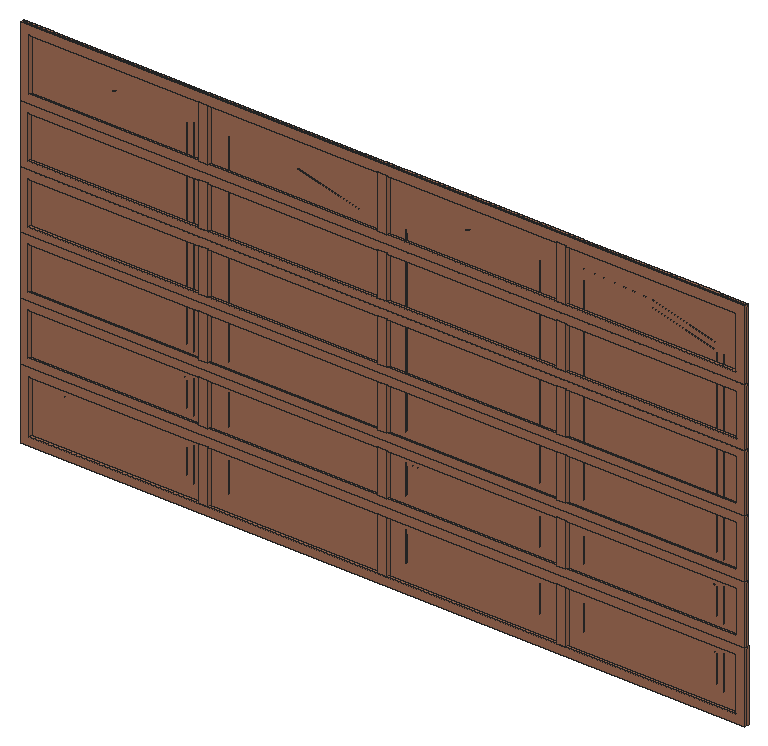
Revit family "GDBL E 8PARCHHB CRV", category Doors, host Wall, Revit 2013
Parameters
  Wall Opening [instance] = 4880 mm
  Handle Finish = none
  Function = Interior
  Frame Projection Ext. = 25 mm
  Frame Projection Int. = 25 mm
  Frame Width = 75 mm
  Height = 2535 mm
  Wall Closure = By host
  Width = 4880 mm
Reference planes
  plane 1: y = 0
  plane 2 "Center (Left/Right)": x = 0
  plane 3 "Left": x = -2440
  plane 4 "Right": x = 2440
  plane 5: z = 2535
  plane 6 "Exterior": y = 75
  plane 7 "Interior": y = -75
  plane 8 "Garage Bottom": y = 75
  plane 9 "Garage Top": z = 2090
  plane 10: z = 482
  plane 11: z = 884
  plane 12: z = 1286
  plane 13: z = 1688
  plane 14 "Front Garage": y = -75
  plane 15: z = 2570
Forms (mm)
  Sweep 1, solid, material "Garage Wood"
    path origin (0, -75, -506) x (1, 0, 0) y (0, 0, 1)
      loop
        line (-2470, 2194) -> (-2470, 1792) -> (2470, 1792) -> (2470, 2194) -> (-2470, 2194)
    profile origin (0, -75, 1688) x (0, 0, 1) y (0, -1, 0)
      loop
        line (-54, 9) -> (0, 9) -> (0, 30) -> (-54, 30) -> (-54, 9)
  Sweep 2, solid, material "Garage Wood"
    path origin (0, -75, -1658) x (1, 0, 0) y (0, 0, 1)
      loop
        line (-2470, 2140) -> (-2470, 1658) -> (2470, 1658) -> (2470, 2140) -> (-2470, 2140)
    profile origin (0, -75, 482) x (0, 0, 1) y (0, -1, 0)
      loop
        line (-60, 9) -> (0, 9) -> (0, 30) -> (-60, 30) -> (-60, 9)
  Sweep 3, solid, material "Garage Wood"
    path origin (0, -75, 430) x (1, 0, 0) y (0, 0, 1)
      loop
        line (-2470, 2140) -> (-2470, 1660) -> (2470, 1660) -> (2470, 2140) -> (-2470, 2140)
    profile origin (0, -75, 2570) x (0, 0, 1) y (0, -1, 0)
      loop
        line (-60, 9) -> (0, 9) -> (0, 30) -> (-60, 30) -> (-60, 9)
  Sweep 4, solid, material "Garage Wood"
    path origin (0, -75, -908) x (1, 0, 0) y (0, 0, 1)
      loop
        line (-2470, 2194) -> (-2470, 1792) -> (2470, 1792) -> (2470, 2194) -> (-2470, 2194)
    profile origin (0, -75, 1286) x (0, 0, 1) y (0, -1, 0)
      loop
        line (-54, 9) -> (0, 9) -> (0, 30) -> (-54, 30) -> (-54, 9)
  Sweep 5, solid, material "Garage Wood"
    path origin (0, -75, -1310) x (1, 0, 0) y (0, 0, 1)
      loop
        line (-2470, 2194) -> (-2470, 1792) -> (2470, 1792) -> (2470, 2194) -> (-2470, 2194)
    profile origin (0, -75, 884) x (0, 0, 1) y (0, -1, 0)
      loop
        line (-54, 9) -> (0, 9) -> (0, 30) -> (-54, 30) -> (-54, 9)
  Extrusion 6, solid, material "Garage Wood"
    sketch origin (2744.172, 300, 2048) x (1, 0, 0) y (0, 1, 0)
      loop
        line (-2774.172, -384) -> (-2774.172, -405) -> (-2714.172, -405) -> (-2714.172, -384) -> (-2774.172, -384)
      loop
        line (-3994.172, -384) -> (-3994.172, -405) -> (-3934.172, -405) -> (-3934.172, -384) -> (-3994.172, -384)
      loop
        line (-1494.172, -384) -> (-1554.172, -384) -> (-1554.172, -405) -> (-1494.172, -405) -> (-1494.172, -384)
    from -708 to -414
  Extrusion 7, solid, material "Garage Wood"
    sketch origin (2744.172, 300, 2984) x (1, 0, 0) y (0, 1, 0)
      loop
        line (-2774.172, -384) -> (-2774.172, -405) -> (-2714.172, -405) -> (-2714.172, -384) -> (-2774.172, -384)
      loop
        line (-3994.172, -384) -> (-3994.172, -405) -> (-3934.172, -405) -> (-3934.172, -384) -> (-3994.172, -384)
      loop
        line (-1494.172, -384) -> (-1554.172, -384) -> (-1554.172, -405) -> (-1494.172, -405) -> (-1494.172, -384)
    from -834 to -474
  Extrusion 8, solid, material "Garage Wood"
    sketch origin (2744.172, 300, 1646) x (1, 0, 0) y (0, 1, 0)
      loop
        line (-2774.172, -384) -> (-2774.172, -405) -> (-2714.172, -405) -> (-2714.172, -384) -> (-2774.172, -384)
      loop
        line (-3994.172, -384) -> (-3994.172, -405) -> (-3934.172, -405) -> (-3934.172, -384) -> (-3994.172, -384)
      loop
        line (-1494.172, -384) -> (-1554.172, -384) -> (-1554.172, -405) -> (-1494.172, -405) -> (-1494.172, -384)
    from -708 to -414
  Extrusion 9, solid, material "Garage Wood"
    sketch origin (1220, -75, 0) x (0, 0, -1) y (-1, 0, 0)
      loop
        line (-482, -1250) -> (0, -1250) -> (0, 3690) -> (-482, 3690) -> (-482, -1250)
    from 0 to -9
  Extrusion 10, solid, material "Garage Wood"
    sketch origin (1220, -75, 512) x (0, 0, -1) y (-1, 0, 0)
      loop
        line (-372, -1250) -> (30, -1250) -> (30, 3690) -> (-372, 3690) -> (-372, -1250)
    from 0 to -9
  Extrusion 11, solid, material "Garage Wood"
    sketch origin (1220, -75, 896) x (0, 0, -1) y (-1, 0, 0)
      loop
        line (-390, -1250) -> (12, -1250) -> (12, 3690) -> (-390, 3690) -> (-390, -1250)
    from 0 to -9
  Extrusion 12, solid, material "Garage Wood"
    sketch origin (1220, -75, 1280) x (0, 0, -1) y (-1, 0, 0)
      loop
        line (-408, -1250) -> (-6, -1250) -> (-6, 3690) -> (-408, 3690) -> (-408, -1250)
    from 0 to -9
  Extrusion 13, solid, material "Garage Wood"
    sketch origin (1220, -75, 2064) x (0, 0, -1) y (-1, 0, 0)
      loop
        line (-506, -1250) -> (-26, -1250) -> (-26, 3690) -> (-506, 3690) -> (-506, -1250)
    from 0 to -9
  Sweep 14, solid, material "Garage Wood"
    path origin (-0.088, -75, 412) x (0, 0, -1) y (-1, 0, 0)
      loop
        line (-382, -2270.088) -> (-170, -2270.088) -> (-170, -1345) -> (-382, -1345) -> (-382, -2270.088)
    profile origin (1807.456, -75, 794) x (0, 0, 1) y (0, 1, 0)
      loop
        line (0, 0) -> (31, 0) -> (31, 3.5)
        arc (31, 3.5) -> (29.096, 8.096) -> (24.5, 10) r 6.5
        arc (24.5, 10) -> (15.5, 14) -> (6.5, 10) r 12.125
        arc (6.5, 10) -> (1.904, 8.096) -> (0, 3.5) r 6.5
        line (0, 3.5) -> (0, 0)
  Sweep 15, solid, material "Garage Wood"
    path origin (-0.088, -75, 400) x (0, 0, -1) y (-1, 0, 0)
      loop
        line (-1690, -1345) -> (-1960, -1345)
        arc (-1960, -1345) -> (-1932.914, -1814.042) -> (-1819.969, -2270.088) r 2541.923
        line (-1819.969, -2270.088) -> (-1689.969, -2270.088)
    profile origin (2270, -75, 2154.969) x (0, 1, 0) y (-1, 0, 0)
      loop
        arc (10, -6.5) -> (8.096, -1.904) -> (3.5, 0) r 6.5
        line (3.5, 0) -> (0, 0) -> (0, -31) -> (3.5, -31)
        arc (3.5, -31) -> (8.096, -29.096) -> (10, -24.5) r 6.5
        arc (10, -24.5) -> (14, -15.5) -> (10, -6.5) r 12.125
  Sweep 16, solid, material "Garage Wood"
    path origin (-0.088, -75, 552) x (0, 0, 1) y (1, 0, 0)
      loop
        line (-382, 2270.088) -> (-382, 1345) -> (-170, 1345) -> (-170, 2270.088) -> (-382, 2270.088)
    profile origin (1807.456, -75, 170) x (0, 0, 1) y (0, 1, 0)
      loop
        line (0, 0) -> (0, 3.5)
        arc (0, 3.5) -> (-1.904, 8.096) -> (-6.5, 10) r 6.5
        arc (-6.5, 10) -> (-15.5, 14) -> (-24.5, 10) r 12.125
        arc (-24.5, 10) -> (-29.096, 8.096) -> (-31, 3.5) r 6.5
        line (-31, 3.5) -> (-31, 0) -> (0, 0)
  Sweep 17, solid, material "Garage Wood"
    path origin (1204.912, -75, 0) x (0, 0, -1) y (-1, 0, 0)
      loop
        line (-1688, -1080) -> (-1286, -1080)
    profile origin (2284.912, -75, 1487) x (0, 1, 0) y (-1, 0, 0)
      loop
        arc (10, 8.412) -> (8.096, 13.008) -> (3.5, 14.912) r 6.5
        line (3.5, 14.912) -> (0, 14.912) -> (0, -16.088) -> (3.5, -16.088)
        arc (3.5, -16.088) -> (8.096, -14.184) -> (10, -9.588) r 6.5
        arc (10, -9.588) -> (14, -0.588) -> (10, 8.412) r 12.125
      loop
        arc (10, 964.5) -> (8.096, 969.096) -> (3.5, 971) r 6.5
        line (3.5, 971) -> (0, 971) -> (0, 940) -> (3.5, 940)
        arc (3.5, 940) -> (8.096, 941.904) -> (10, 946.5) r 6.5
        arc (10, 946.5) -> (14, 955.5) -> (10, 964.5) r 12.125
  Sweep 18, solid, material "Garage Wood"
    path origin (1204.912, -75, 0) x (0, 0, -1) y (-1, 0, 0)
      loop
        line (-1286, -1065.088) -> (-974, -1065.088) -> (-974, -139.979) -> (-1286, -139.979)
    profile origin (2270, -75, 1130) x (0, 1, 0) y (-1, 0, 0)
      loop
        line (0, 0) -> (0, -31) -> (3.5, -31)
        arc (3.5, -31) -> (8.096, -29.096) -> (10, -24.5) r 6.5
        arc (10, -24.5) -> (14, -15.5) -> (10, -6.5) r 12.125
        arc (10, -6.5) -> (8.096, -1.904) -> (3.5, 0) r 6.5
        line (3.5, 0) -> (0, 0)
  Sweep 19, solid, material "Garage Wood"
    path origin (2410.088, -75, 412) x (0, 0, -1) y (-1, 0, 0)
      loop
        line (-382, 2270.088) -> (-382, 1345) -> (-170, 1345) -> (-170, 2270.088) -> (-382, 2270.088)
    profile origin (602.544, -75, 794) x (0, 0, -1) y (0, 1, 0)
      loop
        line (0, 0) -> (0, 3.5)
        arc (0, 3.5) -> (-1.904, 8.096) -> (-6.5, 10) r 6.5
        arc (-6.5, 10) -> (-15.5, 14) -> (-24.5, 10) r 12.125
        arc (-24.5, 10) -> (-29.096, 8.096) -> (-31, 3.5) r 6.5
        line (-31, 3.5) -> (-31, 0) -> (0, 0)
  Sweep 20, solid, material "Garage Wood"
    path origin (2410.088, -75, 400) x (0, 0, -1) y (-1, 0, 0)
      loop
        line (-1690, 1345) -> (-1960, 1345)
        arc (-1960, 1345) -> (-1932.914, 1814.042) -> (-1819.969, 2270.088) r 2541.923
        line (-1819.969, 2270.088) -> (-1690, 2270.088)
    profile origin (140, -75, 2154.985) x (0, 1, 0) y (-1, 0, 0)
      loop
        arc (10, 6.5) -> (14, 15.5) -> (10, 24.5) r 12.125
        arc (10, 24.5) -> (8.096, 29.096) -> (3.5, 31) r 6.5
        line (3.5, 31) -> (0, 31) -> (0, 0) -> (3.5, 0)
        arc (3.5, 0) -> (8.096, 1.904) -> (10, 6.5) r 6.5
  Sweep 21, solid, material "Garage Wood"
    path origin (2410.088, -75, 552) x (0, 0, 1) y (1, 0, 0)
      loop
        line (-382, -2270.088) -> (-170, -2270.088) -> (-170, -1345) -> (-382, -1345) -> (-382, -2270.088)
    profile origin (602.544, -75, 170) x (0, 0, -1) y (0, 1, 0)
      loop
        line (0, 0) -> (31, 0) -> (31, 3.5)
        arc (31, 3.5) -> (29.096, 8.096) -> (24.5, 10) r 6.5
        arc (24.5, 10) -> (15.5, 14) -> (6.5, 10) r 12.125
        arc (6.5, 10) -> (1.904, 8.096) -> (0, 3.5) r 6.5
        line (0, 3.5) -> (0, 0)
  Sweep 22, solid, material "Garage Wood"
    path origin (1205.088, -75, 0) x (0, 0, -1) y (-1, 0, 0)
      loop
        line (-1688, 1080) -> (-1286, 1080)
    profile origin (125.088, -75, 1487) x (0, 1, 0) y (-1, 0, 0)
      loop
        arc (10, -8.412) -> (14, 0.588) -> (10, 9.588) r 12.125
        arc (10, 9.588) -> (8.096, 14.184) -> (3.5, 16.088) r 6.5
        line (3.5, 16.088) -> (0, 16.088) -> (0, -14.912) -> (3.5, -14.912)
        arc (3.5, -14.912) -> (8.096, -13.008) -> (10, -8.412) r 6.5
      loop
        arc (10, -964.5) -> (14, -955.5) -> (10, -946.5) r 12.125
        arc (10, -946.5) -> (8.096, -941.904) -> (3.5, -940) r 6.5
        line (3.5, -940) -> (0, -940) -> (0, -971) -> (3.5, -971)
        arc (3.5, -971) -> (8.096, -969.096) -> (10, -964.5) r 6.5
  Sweep 23, solid, material "Garage Wood"
    path origin (1205.088, -75, 0) x (0, 0, -1) y (-1, 0, 0)
      loop
        line (-1286, 1065.088) -> (-974, 1065.088) -> (-974, 139.979) -> (-1286, 139.979)
    profile origin (140, -75, 1130) x (0, 1, 0) y (-1, 0, 0)
      loop
        line (0, 0) -> (3.5, 0)
        arc (3.5, 0) -> (8.096, 1.904) -> (10, 6.5) r 6.5
        arc (10, 6.5) -> (14, 15.5) -> (10, 24.5) r 12.125
        arc (10, 24.5) -> (8.096, 29.096) -> (3.5, 31) r 6.5
        line (3.5, 31) -> (0, 31) -> (0, 0)
  Sweep 24, solid, material "Garage Wood"
    path origin (0.088, -75, 412) x (0, 0, -1) y (-1, 0, 0)
      loop
        line (-382, 2270.088) -> (-382, 1345) -> (-170, 1345) -> (-170, 2270.088) -> (-382, 2270.088)
    profile origin (-1807.456, -75, 794) x (0, 0, -1) y (0, 1, 0)
      loop
        line (0, 0) -> (0, 3.5)
        arc (0, 3.5) -> (-1.904, 8.096) -> (-6.5, 10) r 6.5
        arc (-6.5, 10) -> (-15.5, 14) -> (-24.5, 10) r 12.125
        arc (-24.5, 10) -> (-29.096, 8.096) -> (-31, 3.5) r 6.5
        line (-31, 3.5) -> (-31, 0) -> (0, 0)
  Sweep 25, solid, material "Garage Wood"
    path origin (0.088, -75, 400) x (0, 0, -1) y (-1, 0, 0)
      loop
        line (-1690, 1345) -> (-1960, 1345)
        arc (-1960, 1345) -> (-1932.914, 1814.042) -> (-1819.969, 2270.088) r 2541.923
        line (-1819.969, 2270.088) -> (-1690, 2270.088)
    profile origin (-2270, -75, 2154.985) x (0, 1, 0) y (-1, 0, 0)
      loop
        arc (10, 6.5) -> (14, 15.5) -> (10, 24.5) r 12.125
        arc (10, 24.5) -> (8.096, 29.096) -> (3.5, 31) r 6.5
        line (3.5, 31) -> (0, 31) -> (0, 0) -> (3.5, 0)
        arc (3.5, 0) -> (8.096, 1.904) -> (10, 6.5) r 6.5
  Sweep 26, solid, material "Garage Wood"
    path origin (0.088, -75, 552) x (0, 0, 1) y (1, 0, 0)
      loop
        line (-382, -2270.088) -> (-170, -2270.088) -> (-170, -1345) -> (-382, -1345) -> (-382, -2270.088)
    profile origin (-1807.456, -75, 170) x (0, 0, -1) y (0, 1, 0)
      loop
        line (0, 0) -> (31, 0) -> (31, 3.5)
        arc (31, 3.5) -> (29.096, 8.096) -> (24.5, 10) r 6.5
        arc (24.5, 10) -> (15.5, 14) -> (6.5, 10) r 12.125
        arc (6.5, 10) -> (1.904, 8.096) -> (0, 3.5) r 6.5
        line (0, 3.5) -> (0, 0)
  Sweep 27, solid, material "Garage Wood"
    path origin (-1204.912, -75, 0) x (0, 0, -1) y (-1, 0, 0)
      loop
        line (-1688, 1080) -> (-1286, 1080)
    profile origin (-2284.912, -75, 1487) x (0, 1, 0) y (-1, 0, 0)
      loop
        arc (10, -8.412) -> (14, 0.588) -> (10, 9.588) r 12.125
        arc (10, 9.588) -> (8.096, 14.184) -> (3.5, 16.088) r 6.5
        line (3.5, 16.088) -> (0, 16.088) -> (0, -14.912) -> (3.5, -14.912)
        arc (3.5, -14.912) -> (8.096, -13.008) -> (10, -8.412) r 6.5
      loop
        arc (10, -964.5) -> (14, -955.5) -> (10, -946.5) r 12.125
        arc (10, -946.5) -> (8.096, -941.904) -> (3.5, -940) r 6.5
        line (3.5, -940) -> (0, -940) -> (0, -971) -> (3.5, -971)
        arc (3.5, -971) -> (8.096, -969.096) -> (10, -964.5) r 6.5
  Sweep 28, solid, material "Garage Wood"
    path origin (-1204.912, -75, 0) x (0, 0, -1) y (-1, 0, 0)
      loop
        line (-1286, 1065.088) -> (-974, 1065.088) -> (-974, 139.979) -> (-1286, 139.979)
    profile origin (-2270, -75, 1130) x (0, 1, 0) y (-1, 0, 0)
      loop
        line (0, 0) -> (3.5, 0)
        arc (3.5, 0) -> (8.096, 1.904) -> (10, 6.5) r 6.5
        arc (10, 6.5) -> (14, 15.5) -> (10, 24.5) r 12.125
        arc (10, 24.5) -> (8.096, 29.096) -> (3.5, 31) r 6.5
        line (3.5, 31) -> (0, 31) -> (0, 0)
  Sweep 29, solid, material "Garage Wood"
    path origin (-2410.088, -75, 412) x (0, 0, -1) y (-1, 0, 0)
      loop
        line (-382, -2270.088) -> (-170, -2270.088) -> (-170, -1345) -> (-382, -1345) -> (-382, -2270.088)
    profile origin (-602.544, -75, 794) x (0, 0, 1) y (0, 1, 0)
      loop
        line (0, 0) -> (31, 0) -> (31, 3.5)
        arc (31, 3.5) -> (29.096, 8.096) -> (24.5, 10) r 6.5
        arc (24.5, 10) -> (15.5, 14) -> (6.5, 10) r 12.125
        arc (6.5, 10) -> (1.904, 8.096) -> (0, 3.5) r 6.5
        line (0, 3.5) -> (0, 0)
  Sweep 30, solid, material "Garage Wood"
    path origin (-2410.088, -75, 400) x (0, 0, -1) y (-1, 0, 0)
      loop
        line (-1690, -1345) -> (-1960, -1345)
        arc (-1960, -1345) -> (-1932.914, -1814.042) -> (-1819.969, -2270.088) r 2541.923
        line (-1819.969, -2270.088) -> (-1690, -2270.088)
    profile origin (-140, -75, 2154.985) x (0, 1, 0) y (-1, 0, 0)
      loop
        arc (10, -6.5) -> (8.096, -1.904) -> (3.5, 0) r 6.5
        line (3.5, 0) -> (0, 0) -> (0, -31) -> (3.5, -31)
        arc (3.5, -31) -> (8.096, -29.096) -> (10, -24.5) r 6.5
        arc (10, -24.5) -> (14, -15.5) -> (10, -6.5) r 12.125
  Sweep 31, solid, material "Garage Wood"
    path origin (-2410.088, -75, 552) x (0, 0, 1) y (1, 0, 0)
      loop
        line (-382, 2270.088) -> (-382, 1345) -> (-170, 1345) -> (-170, 2270.088) -> (-382, 2270.088)
    profile origin (-602.544, -75, 170) x (0, 0, 1) y (0, 1, 0)
      loop
        line (0, 0) -> (0, 3.5)
        arc (0, 3.5) -> (-1.904, 8.096) -> (-6.5, 10) r 6.5
        arc (-6.5, 10) -> (-15.5, 14) -> (-24.5, 10) r 12.125
        arc (-24.5, 10) -> (-29.096, 8.096) -> (-31, 3.5) r 6.5
        line (-31, 3.5) -> (-31, 0) -> (0, 0)
  Sweep 32, solid, material "Garage Wood"
    path origin (-1205.088, -75, 0) x (0, 0, -1) y (-1, 0, 0)
      loop
        line (-1688, -1080) -> (-1286, -1080)
    profile origin (-125.088, -75, 1487) x (0, 1, 0) y (-1, 0, 0)
      loop
        arc (10, 8.412) -> (8.096, 13.008) -> (3.5, 14.912) r 6.5
        line (3.5, 14.912) -> (0, 14.912) -> (0, -16.088) -> (3.5, -16.088)
        arc (3.5, -16.088) -> (8.096, -14.184) -> (10, -9.588) r 6.5
        arc (10, -9.588) -> (14, -0.588) -> (10, 8.412) r 12.125
      loop
        arc (10, 964.5) -> (8.096, 969.096) -> (3.5, 971) r 6.5
        line (3.5, 971) -> (0, 971) -> (0, 940) -> (3.5, 940)
        arc (3.5, 940) -> (8.096, 941.904) -> (10, 946.5) r 6.5
        arc (10, 946.5) -> (14, 955.5) -> (10, 964.5) r 12.125
  Sweep 33, solid, material "Garage Wood"
    path origin (-1205.088, -75, 0) x (0, 0, -1) y (-1, 0, 0)
      loop
        line (-1286, -1065.088) -> (-974, -1065.088) -> (-974, -139.979) -> (-1286, -139.979)
    profile origin (-140, -75, 1130) x (0, 1, 0) y (-1, 0, 0)
      loop
        line (0, 0) -> (0, -31) -> (3.5, -31)
        arc (3.5, -31) -> (8.096, -29.096) -> (10, -24.5) r 6.5
        arc (10, -24.5) -> (14, -15.5) -> (10, -6.5) r 12.125
        arc (10, -6.5) -> (8.096, -1.904) -> (3.5, 0) r 6.5
        line (3.5, 0) -> (0, 0)
  Sweep 34, solid, material "Garage Wood"
    path origin (0, -75, -104) x (1, 0, 0) y (0, 0, 1)
      loop
        line (-2470, 2194) -> (-2470, 1792) -> (2470, 1792) -> (2470, 2194) -> (-2470, 2194)
    profile origin (0, -75, 2090) x (0, 0, 1) y (0, -1, 0)
      loop
        line (-54, 9) -> (0, 9) -> (0, 30) -> (-54, 30) -> (-54, 9)
  Extrusion 35, solid, material "Garage Wood"
    sketch origin (2744.172, 300, 2450) x (1, 0, 0) y (0, 1, 0)
      loop
        line (-2774.172, -384) -> (-2774.172, -405) -> (-2714.172, -405) -> (-2714.172, -384) -> (-2774.172, -384)
      loop
        line (-3994.172, -384) -> (-3994.172, -405) -> (-3934.172, -405) -> (-3934.172, -384) -> (-3994.172, -384)
      loop
        line (-1494.172, -384) -> (-1554.172, -384) -> (-1554.172, -405) -> (-1494.172, -405) -> (-1494.172, -384)
    from -708 to -414
  Extrusion 36, solid, material "Garage Wood"
    sketch origin (1220, -75, 1682) x (0, 0, -1) y (-1, 0, 0)
      loop
        line (-408, -1250) -> (-6, -1250) -> (-6, 3690) -> (-408, 3690) -> (-408, -1250)
    from 0 to -9
  Sweep 37, solid, material "Garage Wood"
    path origin (1204.912, -75, 402) x (0, 0, -1) y (-1, 0, 0)
      loop
        line (-1688, -1080) -> (-1286, -1080)
    profile origin (2284.912, -75, 1889) x (0, 1, 0) y (-1, 0, 0)
      loop
        arc (10, 8.412) -> (8.096, 13.008) -> (3.5, 14.912) r 6.5
        line (3.5, 14.912) -> (0, 14.912) -> (0, -16.088) -> (3.5, -16.088)
        arc (3.5, -16.088) -> (8.096, -14.184) -> (10, -9.588) r 6.5
        arc (10, -9.588) -> (14, -0.588) -> (10, 8.412) r 12.125
      loop
        arc (10, 964.5) -> (8.096, 969.096) -> (3.5, 971) r 6.5
        line (3.5, 971) -> (0, 971) -> (0, 940) -> (3.5, 940)
        arc (3.5, 940) -> (8.096, 941.904) -> (10, 946.5) r 6.5
        arc (10, 946.5) -> (14, 955.5) -> (10, 964.5) r 12.125
  Sweep 38, solid, material "Garage Wood"
    path origin (1205.088, -75, 402) x (0, 0, -1) y (-1, 0, 0)
      loop
        line (-1688, 1080) -> (-1286, 1080)
    profile origin (125.088, -75, 1889) x (0, 1, 0) y (-1, 0, 0)
      loop
        arc (10, -8.412) -> (14, 0.588) -> (10, 9.588) r 12.125
        arc (10, 9.588) -> (8.096, 14.184) -> (3.5, 16.088) r 6.5
        line (3.5, 16.088) -> (0, 16.088) -> (0, -14.912) -> (3.5, -14.912)
        arc (3.5, -14.912) -> (8.096, -13.008) -> (10, -8.412) r 6.5
      loop
        arc (10, -964.5) -> (14, -955.5) -> (10, -946.5) r 12.125
        arc (10, -946.5) -> (8.096, -941.904) -> (3.5, -940) r 6.5
        line (3.5, -940) -> (0, -940) -> (0, -971) -> (3.5, -971)
        arc (3.5, -971) -> (8.096, -969.096) -> (10, -964.5) r 6.5
  Sweep 39, solid, material "Garage Wood"
    path origin (-1204.912, -75, 402) x (0, 0, -1) y (-1, 0, 0)
      loop
        line (-1688, 1080) -> (-1286, 1080)
    profile origin (-2284.912, -75, 1889) x (0, 1, 0) y (-1, 0, 0)
      loop
        arc (10, -8.412) -> (14, 0.588) -> (10, 9.588) r 12.125
        arc (10, 9.588) -> (8.096, 14.184) -> (3.5, 16.088) r 6.5
        line (3.5, 16.088) -> (0, 16.088) -> (0, -14.912) -> (3.5, -14.912)
        arc (3.5, -14.912) -> (8.096, -13.008) -> (10, -8.412) r 6.5
      loop
        arc (10, -964.5) -> (14, -955.5) -> (10, -946.5) r 12.125
        arc (10, -946.5) -> (8.096, -941.904) -> (3.5, -940) r 6.5
        line (3.5, -940) -> (0, -940) -> (0, -971) -> (3.5, -971)
        arc (3.5, -971) -> (8.096, -969.096) -> (10, -964.5) r 6.5
  Sweep 40, solid, material "Garage Wood"
    path origin (-1205.088, -75, 402) x (0, 0, -1) y (-1, 0, 0)
      loop
        line (-1688, -1080) -> (-1286, -1080)
    profile origin (-125.088, -75, 1889) x (0, 1, 0) y (-1, 0, 0)
      loop
        arc (10, 8.412) -> (8.096, 13.008) -> (3.5, 14.912) r 6.5
        line (3.5, 14.912) -> (0, 14.912) -> (0, -16.088) -> (3.5, -16.088)
        arc (3.5, -16.088) -> (8.096, -14.184) -> (10, -9.588) r 6.5
        arc (10, -9.588) -> (14, -0.588) -> (10, 8.412) r 12.125
      loop
        arc (10, 964.5) -> (8.096, 969.096) -> (3.5, 971) r 6.5
        line (3.5, 971) -> (0, 971) -> (0, 940) -> (3.5, 940)
        arc (3.5, 940) -> (8.096, 941.904) -> (10, 946.5) r 6.5
        arc (10, 946.5) -> (14, 955.5) -> (10, 964.5) r 12.125
  Sweep 41, void
    path origin (0, -75, 0) x (0, 0, -1) y (-1, 0, 0)
      loop
        line (-974.013, -2269.892) -> (-974.013, -1344.891) -> (-2360, -1344.891)
        arc (-2360, -1344.891) -> (-2332.921, -1813.888) -> (-2219.999, -2269.892) r 2541.923
        line (-2219.999, -2269.892) -> (-974.013, -2269.892)
    profile origin (2269.892, -75, 1597.006) x (1, 0, 0) y (0, 1, 0)
      loop
        line (0.021, 0) -> (-9.979, 0) -> (-9.979, -5) -> (0.021, -5) -> (0.021, 0)
  Sweep 42, void
    path origin (0, -75, 0) x (0, 0, -1) y (-1, 0, 0)
      loop
        line (-382, -2270) -> (-170, -2270) -> (-170, -1344.912) -> (-382, -1344.912) -> (-382, -2270)
    profile origin (1807.456, -75, 382) x (0, 0, 1) y (0, 1, 0)
      loop
        line (0, -0.004) -> (-12.507, -0.004)
        arc (-12.507, -0.004) -> (-11.772, -1.777) -> (-10, -2.511) r 2.507
        line (-10, -2.511) -> (-10, -5.011) -> (0, -5.011) -> (0, -0.004)
  Sweep 43, void
    path origin (0, -75, 0) x (0, 0, -1) y (-1, 0, 0)
      loop
        line (-794, -2270) -> (-582, -2270) -> (-582, -1344.912) -> (-794, -1344.912) -> (-794, -2270)
    profile origin (1807.456, -75, 794) x (0, 0, 1) y (0, 1, 0)
      loop
        line (0, -0.015) -> (-12.507, -0.015)
        arc (-12.507, -0.015) -> (-11.769, -1.78) -> (-10, -2.511) r 2.507
        line (-10, -2.511) -> (-10, -5.011) -> (0, -5.011) -> (0, -0.015)
  Sweep 44, void
    path origin (2410, -75, 0) x (0, 0, -1) y (1, 0, 0)
      loop
        line (-974.013, -2269.892) -> (-974.013, -1344.891) -> (-2360, -1344.891)
        arc (-2360, -1344.891) -> (-2332.921, -1813.888) -> (-2219.999, -2269.892) r 2541.923
        line (-2219.999, -2269.892) -> (-974.013, -2269.892)
    profile origin (140.108, -75, 1597.006) x (1, 0, 0) y (0, 1, 0)
      loop
        line (-0.021, 0) -> (-0.021, -5) -> (9.979, -5) -> (9.979, 0) -> (-0.021, 0)
  Sweep 45, void
    path origin (2410, -75, 0) x (0, 0, -1) y (1, 0, 0)
      loop
        line (-382, -2270) -> (-170, -2270) -> (-170, -1344.912) -> (-382, -1344.912) -> (-382, -2270)
    profile origin (602.544, -75, 382) x (0, 0, -1) y (0, 1, 0)
      loop
        line (0, -0.004) -> (0, -5.011) -> (10, -5.011) -> (10, -2.511)
        arc (10, -2.511) -> (11.772, -1.777) -> (12.507, -0.004) r 2.507
        line (12.507, -0.004) -> (0, -0.004)
  Sweep 46, void
    path origin (2410, -75, 0) x (0, 0, -1) y (1, 0, 0)
      loop
        line (-794, -2270) -> (-582, -2270) -> (-582, -1344.912) -> (-794, -1344.912) -> (-794, -2270)
    profile origin (602.544, -75, 794) x (0, 0, -1) y (0, 1, 0)
      loop
        line (0, -0.015) -> (0, -5.011) -> (10, -5.011) -> (10, -2.511)
        arc (10, -2.511) -> (11.769, -1.78) -> (12.507, -0.015) r 2.507
        line (12.507, -0.015) -> (0, -0.015)
  Sweep 47, void
    path origin (0, -75, 0) x (0, 0, -1) y (1, 0, 0)
      loop
        line (-974.013, -2269.892) -> (-974.013, -1344.891) -> (-2360, -1344.891)
        arc (-2360, -1344.891) -> (-2332.921, -1813.888) -> (-2219.999, -2269.892) r 2541.923
        line (-2219.999, -2269.892) -> (-974.013, -2269.892)
    profile origin (-2269.892, -75, 1597.006) x (1, 0, 0) y (0, 1, 0)
      loop
        line (-0.021, 0) -> (-0.021, -5) -> (9.979, -5) -> (9.979, 0) -> (-0.021, 0)
  Sweep 48, void
    path origin (0, -75, 0) x (0, 0, -1) y (1, 0, 0)
      loop
        line (-382, -2270) -> (-170, -2270) -> (-170, -1344.912) -> (-382, -1344.912) -> (-382, -2270)
    profile origin (-1807.456, -75, 382) x (0, 0, -1) y (0, 1, 0)
      loop
        line (0, -0.004) -> (0, -5.011) -> (10, -5.011) -> (10, -2.511)
        arc (10, -2.511) -> (11.772, -1.777) -> (12.507, -0.004) r 2.507
        line (12.507, -0.004) -> (0, -0.004)
  Sweep 49, void
    path origin (0, -75, 0) x (0, 0, -1) y (1, 0, 0)
      loop
        line (-794, -2270) -> (-582, -2270) -> (-582, -1344.912) -> (-794, -1344.912) -> (-794, -2270)
    profile origin (-1807.456, -75, 794) x (0, 0, -1) y (0, 1, 0)
      loop
        line (0, -0.015) -> (0, -5.011) -> (10, -5.011) -> (10, -2.511)
        arc (10, -2.511) -> (11.769, -1.78) -> (12.507, -0.015) r 2.507
        line (12.507, -0.015) -> (0, -0.015)
  Sweep 50, void
    path origin (-2410, -75, 0) x (0, 0, -1) y (-1, 0, 0)
      loop
        line (-974.013, -2269.892) -> (-974.013, -1344.891) -> (-2360, -1344.891)
        arc (-2360, -1344.891) -> (-2332.921, -1813.888) -> (-2219.999, -2269.892) r 2541.923
        line (-2219.999, -2269.892) -> (-974.013, -2269.892)
    profile origin (-140.108, -75, 1597.006) x (1, 0, 0) y (0, 1, 0)
      loop
        line (0.021, 0) -> (-9.979, 0) -> (-9.979, -5) -> (0.021, -5) -> (0.021, 0)
  Sweep 51, void
    path origin (-2410, -75, 0) x (0, 0, -1) y (-1, 0, 0)
      loop
        line (-382, -2270) -> (-170, -2270) -> (-170, -1344.912) -> (-382, -1344.912) -> (-382, -2270)
    profile origin (-602.544, -75, 382) x (0, 0, 1) y (0, 1, 0)
      loop
        line (0, -0.004) -> (-12.507, -0.004)
        arc (-12.507, -0.004) -> (-11.772, -1.777) -> (-10, -2.511) r 2.507
        line (-10, -2.511) -> (-10, -5.011) -> (0, -5.011) -> (0, -0.004)
  Sweep 52, void
    path origin (-2410, -75, 0) x (0, 0, -1) y (-1, 0, 0)
      loop
        line (-794, -2270) -> (-582, -2270) -> (-582, -1344.912) -> (-794, -1344.912) -> (-794, -2270)
    profile origin (-602.544, -75, 794) x (0, 0, 1) y (0, 1, 0)
      loop
        line (0, -0.015) -> (-12.507, -0.015)
        arc (-12.507, -0.015) -> (-11.769, -1.78) -> (-10, -2.511) r 2.507
        line (-10, -2.511) -> (-10, -5.011) -> (0, -5.011) -> (0, -0.015)
  Extrusion 53, void
    sketch origin (3305.101, 300, 2090) x (1, 0, 0) y (0, 1, 0)
      loop
        line (-1032.601, -375) -> (-1037.601, -375) -> (-1035.101, -377.187) -> (-1032.601, -375)
      loop
        line (-1957.601, -375) -> (-1962.601, -375) -> (-1960.189, -377.11) -> (-1957.601, -375)
      loop
        line (-2097.601, -375) -> (-2102.601, -375) -> (-2100.101, -377.187) -> (-2097.601, -375)
      loop
        line (-3167.601, -375) -> (-3165.101, -377.187) -> (-3162.601, -375) -> (-3167.601, -375)
      loop
        line (-2242.601, -375) -> (-2240.013, -377.11) -> (-2237.601, -375) -> (-2242.601, -375)
      loop
        line (-3307.601, -375) -> (-3305.101, -377.187) -> (-3302.601, -375) -> (-3307.601, -375)
      loop
        line (-5577.601, -375) -> (-5575.101, -377.187) -> (-5572.601, -375) -> (-5577.601, -375)
      loop
        line (-4652.601, -375) -> (-4650.013, -377.11) -> (-4647.601, -375) -> (-4652.601, -375)
      loop
        line (-4512.601, -375) -> (-4510.101, -377.187) -> (-4507.601, -375) -> (-4512.601, -375)
      loop
        line (-3442.601, -375) -> (-3447.601, -375) -> (-3445.101, -377.187) -> (-3442.601, -375)
      loop
        line (-4367.601, -375) -> (-4372.601, -375) -> (-4370.189, -377.11) -> (-4367.601, -375)
    from 0 to 480
  Extrusion 54, void
    sketch origin (2744.172, 300, 1286) x (0, 1, 0) y (1, 0, 0)
      loop
        line (-375, -567.559) -> (-378.5, -571.559) -> (-375, -575.559) -> (-375, -567.559)
      loop
        line (-375, -658.859) -> (-378.5, -662.859) -> (-375, -666.859) -> (-375, -658.859)
      loop
        line (-375, -750.159) -> (-378.5, -754.159) -> (-375, -758.159) -> (-375, -750.159)
      loop
        line (-375, -841.459) -> (-378.5, -845.459) -> (-375, -849.459) -> (-375, -841.459)
      loop
        line (-375, -932.759) -> (-378.5, -936.759) -> (-375, -940.759) -> (-375, -932.759)
      loop
        line (-375, -1024.059) -> (-378.5, -1028.059) -> (-375, -1032.059) -> (-375, -1024.059)
      loop
        line (-375, -1115.359) -> (-378.5, -1119.359) -> (-375, -1123.359) -> (-375, -1115.359)
      loop
        line (-375, -1206.659) -> (-378.5, -1210.659) -> (-375, -1214.659) -> (-375, -1206.659)
      loop
        line (-375, -1297.959) -> (-378.5, -1301.959) -> (-375, -1305.959) -> (-375, -1297.959)
      loop
        line (-375, -2510.786) -> (-375, -2502.786) -> (-378.5, -2506.786) -> (-375, -2510.786)
      loop
        line (-375, -2419.486) -> (-375, -2411.486) -> (-378.5, -2415.486) -> (-375, -2419.486)
      loop
        line (-375, -2328.186) -> (-375, -2320.186) -> (-378.5, -2324.186) -> (-375, -2328.186)
      loop
        line (-375, -2236.886) -> (-375, -2228.886) -> (-378.5, -2232.886) -> (-375, -2236.886)
      loop
        line (-375, -2145.586) -> (-375, -2137.586) -> (-378.5, -2141.586) -> (-375, -2145.586)
      loop
        line (-375, -2054.286) -> (-375, -2046.286) -> (-378.5, -2050.286) -> (-375, -2054.286)
      loop
        line (-375, -1962.986) -> (-375, -1954.986) -> (-378.5, -1958.986) -> (-375, -1962.986)
      loop
        line (-375, -1871.686) -> (-375, -1863.686) -> (-378.5, -1867.686) -> (-375, -1871.686)
      loop
        line (-375, -1780.386) -> (-375, -1772.386) -> (-378.5, -1776.386) -> (-375, -1780.386)
      loop
        line (-375, -4920.786) -> (-375, -4912.786) -> (-378.5, -4916.786) -> (-375, -4920.786)
      loop
        line (-375, -4829.486) -> (-375, -4821.486) -> (-378.5, -4825.486) -> (-375, -4829.486)
      loop
        line (-375, -4738.186) -> (-375, -4730.186) -> (-378.5, -4734.186) -> (-375, -4738.186)
      loop
        line (-375, -4646.886) -> (-375, -4638.886) -> (-378.5, -4642.886) -> (-375, -4646.886)
      loop
        line (-375, -4555.586) -> (-375, -4547.586) -> (-378.5, -4551.586) -> (-375, -4555.586)
      loop
        line (-375, -4464.286) -> (-375, -4456.286) -> (-378.5, -4460.286) -> (-375, -4464.286)
      loop
        line (-375, -4372.986) -> (-375, -4364.986) -> (-378.5, -4368.986) -> (-375, -4372.986)
      loop
        line (-375, -4281.686) -> (-375, -4273.686) -> (-378.5, -4277.686) -> (-375, -4281.686)
      loop
        line (-375, -4190.386) -> (-375, -4182.386) -> (-378.5, -4186.386) -> (-375, -4190.386)
      loop
        line (-375, -2977.559) -> (-378.5, -2981.559) -> (-375, -2985.559) -> (-375, -2977.559)
      loop
        line (-375, -3068.859) -> (-378.5, -3072.859) -> (-375, -3076.859) -> (-375, -3068.859)
      loop
        line (-375, -3160.159) -> (-378.5, -3164.159) -> (-375, -3168.159) -> (-375, -3160.159)
      loop
        line (-375, -3251.459) -> (-378.5, -3255.459) -> (-375, -3259.459) -> (-375, -3251.459)
      loop
        line (-375, -3342.759) -> (-378.5, -3346.759) -> (-375, -3350.759) -> (-375, -3342.759)
      loop
        line (-375, -3434.059) -> (-378.5, -3438.059) -> (-375, -3442.059) -> (-375, -3434.059)
      loop
        line (-375, -3525.359) -> (-378.5, -3529.359) -> (-375, -3533.359) -> (-375, -3525.359)
      loop
        line (-375, -3616.659) -> (-378.5, -3620.659) -> (-375, -3624.659) -> (-375, -3616.659)
      loop
        line (-375, -3707.959) -> (-378.5, -3711.959) -> (-375, -3715.959) -> (-375, -3707.959)
    from 0 to 302.008
  Extrusion 55, void
    sketch origin (2744.172, 300, 1688) x (0, 1, 0) y (1, 0, 0)
      loop
        line (-375, -567.559) -> (-378.5, -571.559) -> (-375, -575.559) -> (-375, -567.559)
      loop
        line (-375, -658.859) -> (-378.5, -662.859) -> (-375, -666.859) -> (-375, -658.859)
      loop
        line (-375, -750.159) -> (-378.5, -754.159) -> (-375, -758.159) -> (-375, -750.159)
      loop
        line (-375, -841.459) -> (-378.5, -845.459) -> (-375, -849.459) -> (-375, -841.459)
      loop
        line (-375, -932.759) -> (-378.5, -936.759) -> (-375, -940.759) -> (-375, -932.759)
      loop
        line (-375, -1024.059) -> (-378.5, -1028.059) -> (-375, -1032.059) -> (-375, -1024.059)
      loop
        line (-375, -1115.359) -> (-378.5, -1119.359) -> (-375, -1123.359) -> (-375, -1115.359)
      loop
        line (-375, -1206.659) -> (-378.5, -1210.659) -> (-375, -1214.659) -> (-375, -1206.659)
      loop
        line (-375, -1297.959) -> (-378.5, -1301.959) -> (-375, -1305.959) -> (-375, -1297.959)
      loop
        line (-375, -2510.786) -> (-375, -2502.786) -> (-378.5, -2506.786) -> (-375, -2510.786)
      loop
        line (-375, -2419.486) -> (-375, -2411.486) -> (-378.5, -2415.486) -> (-375, -2419.486)
      loop
        line (-375, -2328.186) -> (-375, -2320.186) -> (-378.5, -2324.186) -> (-375, -2328.186)
      loop
        line (-375, -2236.886) -> (-375, -2228.886) -> (-378.5, -2232.886) -> (-375, -2236.886)
      loop
        line (-375, -2145.586) -> (-375, -2137.586) -> (-378.5, -2141.586) -> (-375, -2145.586)
      loop
        line (-375, -2054.286) -> (-375, -2046.286) -> (-378.5, -2050.286) -> (-375, -2054.286)
      loop
        line (-375, -1962.986) -> (-375, -1954.986) -> (-378.5, -1958.986) -> (-375, -1962.986)
      loop
        line (-375, -1871.686) -> (-375, -1863.686) -> (-378.5, -1867.686) -> (-375, -1871.686)
      loop
        line (-375, -1780.386) -> (-375, -1772.386) -> (-378.5, -1776.386) -> (-375, -1780.386)
      loop
        line (-375, -4920.786) -> (-375, -4912.786) -> (-378.5, -4916.786) -> (-375, -4920.786)
      loop
        line (-375, -4829.486) -> (-375, -4821.486) -> (-378.5, -4825.486) -> (-375, -4829.486)
      loop
        line (-375, -4738.186) -> (-375, -4730.186) -> (-378.5, -4734.186) -> (-375, -4738.186)
      loop
        line (-375, -4646.886) -> (-375, -4638.886) -> (-378.5, -4642.886) -> (-375, -4646.886)
      loop
        line (-375, -4555.586) -> (-375, -4547.586) -> (-378.5, -4551.586) -> (-375, -4555.586)
      loop
        line (-375, -4464.286) -> (-375, -4456.286) -> (-378.5, -4460.286) -> (-375, -4464.286)
      loop
        line (-375, -4372.986) -> (-375, -4364.986) -> (-378.5, -4368.986) -> (-375, -4372.986)
      loop
        line (-375, -4281.686) -> (-375, -4273.686) -> (-378.5, -4277.686) -> (-375, -4281.686)
      loop
        line (-375, -4190.386) -> (-375, -4182.386) -> (-378.5, -4186.386) -> (-375, -4190.386)
      loop
        line (-375, -2977.559) -> (-378.5, -2981.559) -> (-375, -2985.559) -> (-375, -2977.559)
      loop
        line (-375, -3068.859) -> (-378.5, -3072.859) -> (-375, -3076.859) -> (-375, -3068.859)
      loop
        line (-375, -3160.159) -> (-378.5, -3164.159) -> (-375, -3168.159) -> (-375, -3160.159)
      loop
        line (-375, -3251.459) -> (-378.5, -3255.459) -> (-375, -3259.459) -> (-375, -3251.459)
      loop
        line (-375, -3342.759) -> (-378.5, -3346.759) -> (-375, -3350.759) -> (-375, -3342.759)
      loop
        line (-375, -3434.059) -> (-378.5, -3438.059) -> (-375, -3442.059) -> (-375, -3434.059)
      loop
        line (-375, -3525.359) -> (-378.5, -3529.359) -> (-375, -3533.359) -> (-375, -3525.359)
      loop
        line (-375, -3616.659) -> (-378.5, -3620.659) -> (-375, -3624.659) -> (-375, -3616.659)
      loop
        line (-375, -3707.959) -> (-378.5, -3711.959) -> (-375, -3715.959) -> (-375, -3707.959)
    from 0 to 402
  Extrusion 56, void
    sketch origin (2744.172, 300, 2090) x (0, 1, 0) y (1, 0, 0)
      loop
        line (-375, -567.559) -> (-378.5, -571.559) -> (-375, -575.559) -> (-375, -567.559)
      loop
        line (-375, -658.859) -> (-378.5, -662.859) -> (-375, -666.859) -> (-375, -658.859)
      loop
        line (-375, -750.159) -> (-378.5, -754.159) -> (-375, -758.159) -> (-375, -750.159)
      loop
        line (-375, -841.459) -> (-378.5, -845.459) -> (-375, -849.459) -> (-375, -841.459)
      loop
        line (-375, -932.759) -> (-378.5, -936.759) -> (-375, -940.759) -> (-375, -932.759)
      loop
        line (-375, -1024.059) -> (-378.5, -1028.059) -> (-375, -1032.059) -> (-375, -1024.059)
      loop
        line (-375, -1115.359) -> (-378.5, -1119.359) -> (-375, -1123.359) -> (-375, -1115.359)
      loop
        line (-375, -1206.659) -> (-378.5, -1210.659) -> (-375, -1214.659) -> (-375, -1206.659)
      loop
        line (-375, -1297.959) -> (-378.5, -1301.959) -> (-375, -1305.959) -> (-375, -1297.959)
      loop
        line (-375, -2510.786) -> (-375, -2502.786) -> (-378.5, -2506.786) -> (-375, -2510.786)
      loop
        line (-375, -2419.486) -> (-375, -2411.486) -> (-378.5, -2415.486) -> (-375, -2419.486)
      loop
        line (-375, -2328.186) -> (-375, -2320.186) -> (-378.5, -2324.186) -> (-375, -2328.186)
      loop
        line (-375, -2236.886) -> (-375, -2228.886) -> (-378.5, -2232.886) -> (-375, -2236.886)
      loop
        line (-375, -2145.586) -> (-375, -2137.586) -> (-378.5, -2141.586) -> (-375, -2145.586)
      loop
        line (-375, -2054.286) -> (-375, -2046.286) -> (-378.5, -2050.286) -> (-375, -2054.286)
      loop
        line (-375, -1962.986) -> (-375, -1954.986) -> (-378.5, -1958.986) -> (-375, -1962.986)
      loop
        line (-375, -1871.686) -> (-375, -1863.686) -> (-378.5, -1867.686) -> (-375, -1871.686)
      loop
        line (-375, -1780.386) -> (-375, -1772.386) -> (-378.5, -1776.386) -> (-375, -1780.386)
      loop
        line (-375, -4920.786) -> (-375, -4912.786) -> (-378.5, -4916.786) -> (-375, -4920.786)
      loop
        line (-375, -4829.486) -> (-375, -4821.486) -> (-378.5, -4825.486) -> (-375, -4829.486)
      loop
        line (-375, -4738.186) -> (-375, -4730.186) -> (-378.5, -4734.186) -> (-375, -4738.186)
      loop
        line (-375, -4646.886) -> (-375, -4638.886) -> (-378.5, -4642.886) -> (-375, -4646.886)
      loop
        line (-375, -4555.586) -> (-375, -4547.586) -> (-378.5, -4551.586) -> (-375, -4555.586)
      loop
        line (-375, -4464.286) -> (-375, -4456.286) -> (-378.5, -4460.286) -> (-375, -4464.286)
      loop
        line (-375, -4372.986) -> (-375, -4364.986) -> (-378.5, -4368.986) -> (-375, -4372.986)
      loop
        line (-375, -4281.686) -> (-375, -4273.686) -> (-378.5, -4277.686) -> (-375, -4281.686)
      loop
        line (-375, -4190.386) -> (-375, -4182.386) -> (-378.5, -4186.386) -> (-375, -4190.386)
      loop
        line (-375, -2977.559) -> (-378.5, -2981.559) -> (-375, -2985.559) -> (-375, -2977.559)
      loop
        line (-375, -3068.859) -> (-378.5, -3072.859) -> (-375, -3076.859) -> (-375, -3068.859)
      loop
        line (-375, -3160.159) -> (-378.5, -3164.159) -> (-375, -3168.159) -> (-375, -3160.159)
      loop
        line (-375, -3251.459) -> (-378.5, -3255.459) -> (-375, -3259.459) -> (-375, -3251.459)
      loop
        line (-375, -3342.759) -> (-378.5, -3346.759) -> (-375, -3350.759) -> (-375, -3342.759)
      loop
        line (-375, -3434.059) -> (-378.5, -3438.059) -> (-375, -3442.059) -> (-375, -3434.059)
      loop
        line (-375, -3525.359) -> (-378.5, -3529.359) -> (-375, -3533.359) -> (-375, -3525.359)
      loop
        line (-375, -3616.659) -> (-378.5, -3620.659) -> (-375, -3624.659) -> (-375, -3616.659)
      loop
        line (-375, -3707.959) -> (-378.5, -3711.959) -> (-375, -3715.959) -> (-375, -3707.959)
    from 0 to 402
  Extrusion 57, void
    sketch origin (3305.101, 300, 1610) x (1, 0, 0) y (0, 1, 0)
      loop
        line (-1032.601, -375) -> (-1037.601, -375) -> (-1035.101, -377.187) -> (-1032.601, -375)
      loop
        line (-1957.601, -375) -> (-1962.601, -375) -> (-1960.189, -377.11) -> (-1957.601, -375)
      loop
        line (-2097.601, -375) -> (-2102.601, -375) -> (-2100.101, -377.187) -> (-2097.601, -375)
      loop
        line (-3167.601, -375) -> (-3165.101, -377.187) -> (-3162.601, -375) -> (-3167.601, -375)
      loop
        line (-2242.601, -375) -> (-2240.013, -377.11) -> (-2237.601, -375) -> (-2242.601, -375)
      loop
        line (-3307.601, -375) -> (-3305.101, -377.187) -> (-3302.601, -375) -> (-3307.601, -375)
      loop
        line (-5577.601, -375) -> (-5575.101, -377.187) -> (-5572.601, -375) -> (-5577.601, -375)
      loop
        line (-4652.601, -375) -> (-4650.013, -377.11) -> (-4647.601, -375) -> (-4652.601, -375)
      loop
        line (-4512.601, -375) -> (-4510.101, -377.187) -> (-4507.601, -375) -> (-4512.601, -375)
      loop
        line (-3442.601, -375) -> (-3447.601, -375) -> (-3445.101, -377.187) -> (-3442.601, -375)
      loop
        line (-4367.601, -375) -> (-4372.601, -375) -> (-4370.189, -377.11) -> (-4367.601, -375)
    from 78 to 480
  Extrusion 58, void
    sketch origin (3305.101, 300, 1208) x (1, 0, 0) y (0, 1, 0)
      loop
        line (-1032.601, -375) -> (-1037.601, -375) -> (-1035.101, -377.187) -> (-1032.601, -375)
      loop
        line (-1957.601, -375) -> (-1962.601, -375) -> (-1960.189, -377.11) -> (-1957.601, -375)
      loop
        line (-2097.601, -375) -> (-2102.601, -375) -> (-2100.101, -377.187) -> (-2097.601, -375)
      loop
        line (-3167.601, -375) -> (-3165.101, -377.187) -> (-3162.601, -375) -> (-3167.601, -375)
      loop
        line (-2242.601, -375) -> (-2240.013, -377.11) -> (-2237.601, -375) -> (-2242.601, -375)
      loop
        line (-3307.601, -375) -> (-3305.101, -377.187) -> (-3302.601, -375) -> (-3307.601, -375)
      loop
        line (-5577.601, -375) -> (-5575.101, -377.187) -> (-5572.601, -375) -> (-5577.601, -375)
      loop
        line (-4652.601, -375) -> (-4650.013, -377.11) -> (-4647.601, -375) -> (-4652.601, -375)
      loop
        line (-4512.601, -375) -> (-4510.101, -377.187) -> (-4507.601, -375) -> (-4512.601, -375)
      loop
        line (-3442.601, -375) -> (-3447.601, -375) -> (-3445.101, -377.187) -> (-3442.601, -375)
      loop
        line (-4367.601, -375) -> (-4372.601, -375) -> (-4370.189, -377.11) -> (-4367.601, -375)
    from 78 to 480
  Extrusion 59, void
    sketch origin (3305.101, 300, 806) x (1, 0, 0) y (0, 1, 0)
      loop
        line (-1032.601, -375) -> (-1037.601, -375) -> (-1035.101, -377.187) -> (-1032.601, -375)
      loop
        line (-1957.601, -375) -> (-1962.601, -375) -> (-1960.189, -377.11) -> (-1957.601, -375)
      loop
        line (-2097.601, -375) -> (-2102.601, -375) -> (-2100.101, -377.187) -> (-2097.601, -375)
      loop
        line (-3167.601, -375) -> (-3165.101, -377.187) -> (-3162.601, -375) -> (-3167.601, -375)
      loop
        line (-2242.601, -375) -> (-2240.013, -377.11) -> (-2237.601, -375) -> (-2242.601, -375)
      loop
        line (-3307.601, -375) -> (-3305.101, -377.187) -> (-3302.601, -375) -> (-3307.601, -375)
      loop
        line (-5577.601, -375) -> (-5575.101, -377.187) -> (-5572.601, -375) -> (-5577.601, -375)
      loop
        line (-4652.601, -375) -> (-4650.013, -377.11) -> (-4647.601, -375) -> (-4652.601, -375)
      loop
        line (-4512.601, -375) -> (-4510.101, -377.187) -> (-4507.601, -375) -> (-4512.601, -375)
      loop
        line (-3442.601, -375) -> (-3447.601, -375) -> (-3445.101, -377.187) -> (-3442.601, -375)
      loop
        line (-4367.601, -375) -> (-4372.601, -375) -> (-4370.189, -377.11) -> (-4367.601, -375)
    from 78 to 480
  Extrusion 60, void
    sketch origin (3305.101, 300, 404) x (1, 0, 0) y (0, 1, 0)
      loop
        line (-1032.601, -375) -> (-1037.601, -375) -> (-1035.101, -377.187) -> (-1032.601, -375)
      loop
        line (-1957.601, -375) -> (-1962.601, -375) -> (-1960.189, -377.11) -> (-1957.601, -375)
      loop
        line (-2097.601, -375) -> (-2102.601, -375) -> (-2100.101, -377.187) -> (-2097.601, -375)
      loop
        line (-3167.601, -375) -> (-3165.101, -377.187) -> (-3162.601, -375) -> (-3167.601, -375)
      loop
        line (-2242.601, -375) -> (-2240.013, -377.11) -> (-2237.601, -375) -> (-2242.601, -375)
      loop
        line (-3307.601, -375) -> (-3305.101, -377.187) -> (-3302.601, -375) -> (-3307.601, -375)
      loop
        line (-5577.601, -375) -> (-5575.101, -377.187) -> (-5572.601, -375) -> (-5577.601, -375)
      loop
        line (-4652.601, -375) -> (-4650.013, -377.11) -> (-4647.601, -375) -> (-4652.601, -375)
      loop
        line (-4512.601, -375) -> (-4510.101, -377.187) -> (-4507.601, -375) -> (-4512.601, -375)
      loop
        line (-3442.601, -375) -> (-3447.601, -375) -> (-3445.101, -377.187) -> (-3442.601, -375)
      loop
        line (-4367.601, -375) -> (-4372.601, -375) -> (-4370.189, -377.11) -> (-4367.601, -375)
    from 78 to 480
  Extrusion 61, void
    sketch origin (3305.101, 300, 2) x (1, 0, 0) y (0, 1, 0)
      loop
        line (-1032.601, -375) -> (-1037.601, -375) -> (-1035.101, -377.187) -> (-1032.601, -375)
      loop
        line (-1957.601, -375) -> (-1962.601, -375) -> (-1960.189, -377.11) -> (-1957.601, -375)
      loop
        line (-2097.601, -375) -> (-2102.601, -375) -> (-2100.101, -377.187) -> (-2097.601, -375)
      loop
        line (-3167.601, -375) -> (-3165.101, -377.187) -> (-3162.601, -375) -> (-3167.601, -375)
      loop
        line (-2242.601, -375) -> (-2240.013, -377.11) -> (-2237.601, -375) -> (-2242.601, -375)
      loop
        line (-3307.601, -375) -> (-3305.101, -377.187) -> (-3302.601, -375) -> (-3307.601, -375)
      loop
        line (-5577.601, -375) -> (-5575.101, -377.187) -> (-5572.601, -375) -> (-5577.601, -375)
      loop
        line (-4652.601, -375) -> (-4650.013, -377.11) -> (-4647.601, -375) -> (-4652.601, -375)
      loop
        line (-4512.601, -375) -> (-4510.101, -377.187) -> (-4507.601, -375) -> (-4512.601, -375)
      loop
        line (-3442.601, -375) -> (-3447.601, -375) -> (-3445.101, -377.187) -> (-3442.601, -375)
      loop
        line (-4367.601, -375) -> (-4372.601, -375) -> (-4370.189, -377.11) -> (-4367.601, -375)
    from -2 to 480
  Extrusion 62, void
    sketch origin (3305.101, 300, 2090) x (1, 0, 0) y (0, 1, 0)
      loop
        line (-1128.487, -375) -> (-1136.487, -375) -> (-1132.487, -378.5) -> (-1128.487, -375)
    from 0 to 152.714
  Extrusion 63, void
    sketch origin (3213.801, 300, 2090) x (1, 0, 0) y (0, 1, 0)
      loop
        line (-1128.487, -375) -> (-1136.487, -375) -> (-1132.487, -378.5) -> (-1128.487, -375)
    from 0 to 179.86
  Extrusion 64, void
    sketch origin (3122.501, 300, 2090) x (1, 0, 0) y (0, 1, 0)
      loop
        line (-1128.487, -375) -> (-1136.487, -375) -> (-1132.487, -378.5) -> (-1128.487, -375)
    from 0 to 202.064
  Extrusion 65, void
    sketch origin (3031.201, 300, 2090) x (1, 0, 0) y (0, 1, 0)
      loop
        line (-1128.487, -375) -> (-1136.487, -375) -> (-1132.487, -378.5) -> (-1128.487, -375)
    from 0 to 219.777
  Extrusion 66, void
    sketch origin (2939.901, 300, 2090) x (1, 0, 0) y (0, 1, 0)
      loop
        line (-1128.487, -375) -> (-1136.487, -375) -> (-1132.487, -378.5) -> (-1128.487, -375)
    from 0 to 237.74
  Extrusion 67, void
    sketch origin (2848.601, 300, 2090) x (1, 0, 0) y (0, 1, 0)
      loop
        line (-1128.487, -375) -> (-1136.487, -375) -> (-1132.487, -378.5) -> (-1128.487, -375)
    from 0 to 247.47
  Extrusion 68, void
    sketch origin (2757.301, 300, 2090) x (1, 0, 0) y (0, 1, 0)
      loop
        line (-1128.487, -375) -> (-1136.487, -375) -> (-1132.487, -378.5) -> (-1128.487, -375)
    from 0 to 256.202
  Extrusion 69, void
    sketch origin (2666.001, 300, 2090) x (1, 0, 0) y (0, 1, 0)
      loop
        line (-1128.487, -375) -> (-1136.487, -375) -> (-1132.487, -378.5) -> (-1128.487, -375)
    from 0 to 261.192
  Extrusion 70, void
    sketch origin (2574.701, 300, 2090) x (1, 0, 0) y (0, 1, 0)
      loop
        line (-1128.487, -375) -> (-1136.487, -375) -> (-1132.487, -378.5) -> (-1128.487, -375)
    from 0 to 263.437
  Extrusion 71, void
    sketch origin (-895.101, 300, 2090) x (-1, 0, 0) y (0, -1, 0)
      loop
        line (-1128.487, 375) -> (-1132.487, 378.5) -> (-1136.487, 375) -> (-1128.487, 375)
    from 0 to 152.714
  Extrusion 72, void
    sketch origin (-803.801, 300, 2090) x (-1, 0, 0) y (0, -1, 0)
      loop
        line (-1128.487, 375) -> (-1132.487, 378.5) -> (-1136.487, 375) -> (-1128.487, 375)
    from 0 to 179.86
  Extrusion 73, void
    sketch origin (-712.501, 300, 2090) x (-1, 0, 0) y (0, -1, 0)
      loop
        line (-1128.487, 375) -> (-1132.487, 378.5) -> (-1136.487, 375) -> (-1128.487, 375)
    from 0 to 202.064
  Extrusion 74, void
    sketch origin (-621.201, 300, 2090) x (-1, 0, 0) y (0, -1, 0)
      loop
        line (-1128.487, 375) -> (-1132.487, 378.5) -> (-1136.487, 375) -> (-1128.487, 375)
    from 0 to 219.777
  Extrusion 75, void
    sketch origin (-529.901, 300, 2090) x (-1, 0, 0) y (0, -1, 0)
      loop
        line (-1128.487, 375) -> (-1132.487, 378.5) -> (-1136.487, 375) -> (-1128.487, 375)
    from 0 to 237.74
  Extrusion 76, void
    sketch origin (-438.601, 300, 2090) x (-1, 0, 0) y (0, -1, 0)
      loop
        line (-1128.487, 375) -> (-1132.487, 378.5) -> (-1136.487, 375) -> (-1128.487, 375)
    from 0 to 247.47
  Extrusion 77, void
    sketch origin (-347.301, 300, 2090) x (-1, 0, 0) y (0, -1, 0)
      loop
        line (-1128.487, 375) -> (-1132.487, 378.5) -> (-1136.487, 375) -> (-1128.487, 375)
    from 0 to 256.202
  Extrusion 78, void
    sketch origin (-256.001, 300, 2090) x (-1, 0, 0) y (0, -1, 0)
      loop
        line (-1128.487, 375) -> (-1132.487, 378.5) -> (-1136.487, 375) -> (-1128.487, 375)
    from 0 to 261.192
  Extrusion 79, void
    sketch origin (-164.701, 300, 2090) x (-1, 0, 0) y (0, -1, 0)
      loop
        line (-1128.487, 375) -> (-1132.487, 378.5) -> (-1136.487, 375) -> (-1128.487, 375)
    from 0 to 263.437
  Extrusion 80, void
    sketch origin (-3305.101, 300, 2090) x (-1, 0, 0) y (0, -1, 0)
      loop
        line (-1128.487, 375) -> (-1132.487, 378.5) -> (-1136.487, 375) -> (-1128.487, 375)
    from 0 to 152.714
  Extrusion 81, void
    sketch origin (-3213.801, 300, 2090) x (-1, 0, 0) y (0, -1, 0)
      loop
        line (-1128.487, 375) -> (-1132.487, 378.5) -> (-1136.487, 375) -> (-1128.487, 375)
    from 0 to 179.86
  Extrusion 82, void
    sketch origin (-3122.501, 300, 2090) x (-1, 0, 0) y (0, -1, 0)
      loop
        line (-1128.487, 375) -> (-1132.487, 378.5) -> (-1136.487, 375) -> (-1128.487, 375)
    from 0 to 202.064
  Extrusion 83, void
    sketch origin (-3031.201, 300, 2090) x (-1, 0, 0) y (0, -1, 0)
      loop
        line (-1128.487, 375) -> (-1132.487, 378.5) -> (-1136.487, 375) -> (-1128.487, 375)
    from 0 to 219.777
  Extrusion 84, void
    sketch origin (-2939.901, 300, 2090) x (-1, 0, 0) y (0, -1, 0)
      loop
        line (-1128.487, 375) -> (-1132.487, 378.5) -> (-1136.487, 375) -> (-1128.487, 375)
    from 0 to 237.74
  Extrusion 85, void
    sketch origin (-2848.601, 300, 2090) x (-1, 0, 0) y (0, -1, 0)
      loop
        line (-1128.487, 375) -> (-1132.487, 378.5) -> (-1136.487, 375) -> (-1128.487, 375)
    from 0 to 247.47
  Extrusion 86, void
    sketch origin (-2757.301, 300, 2090) x (-1, 0, 0) y (0, -1, 0)
      loop
        line (-1128.487, 375) -> (-1132.487, 378.5) -> (-1136.487, 375) -> (-1128.487, 375)
    from 0 to 256.202
  Extrusion 87, void
    sketch origin (-2666.001, 300, 2090) x (-1, 0, 0) y (0, -1, 0)
      loop
        line (-1128.487, 375) -> (-1132.487, 378.5) -> (-1136.487, 375) -> (-1128.487, 375)
    from 0 to 261.192
  Extrusion 88, void
    sketch origin (-2574.701, 300, 2090) x (-1, 0, 0) y (0, -1, 0)
      loop
        line (-1128.487, 375) -> (-1132.487, 378.5) -> (-1136.487, 375) -> (-1128.487, 375)
    from 0 to 263.437
  Extrusion 89, void
    sketch origin (895.101, 300, 2090) x (1, 0, 0) y (0, 1, 0)
      loop
        line (-1128.487, -375) -> (-1136.487, -375) -> (-1132.487, -378.5) -> (-1128.487, -375)
    from 0 to 152.714
  Extrusion 90, void
    sketch origin (803.801, 300, 2090) x (1, 0, 0) y (0, 1, 0)
      loop
        line (-1128.487, -375) -> (-1136.487, -375) -> (-1132.487, -378.5) -> (-1128.487, -375)
    from 0 to 179.86
  Extrusion 91, void
    sketch origin (712.501, 300, 2090) x (1, 0, 0) y (0, 1, 0)
      loop
        line (-1128.487, -375) -> (-1136.487, -375) -> (-1132.487, -378.5) -> (-1128.487, -375)
    from 0 to 202.064
  Extrusion 92, void
    sketch origin (621.201, 300, 2090) x (1, 0, 0) y (0, 1, 0)
      loop
        line (-1128.487, -375) -> (-1136.487, -375) -> (-1132.487, -378.5) -> (-1128.487, -375)
    from 0 to 219.777
  Extrusion 93, void
    sketch origin (529.901, 300, 2090) x (1, 0, 0) y (0, 1, 0)
      loop
        line (-1128.487, -375) -> (-1136.487, -375) -> (-1132.487, -378.5) -> (-1128.487, -375)
    from 0 to 237.74
  Extrusion 94, void
    sketch origin (438.601, 300, 2090) x (1, 0, 0) y (0, 1, 0)
      loop
        line (-1128.487, -375) -> (-1136.487, -375) -> (-1132.487, -378.5) -> (-1128.487, -375)
    from 0 to 247.47
  Extrusion 95, void
    sketch origin (347.301, 300, 2090) x (1, 0, 0) y (0, 1, 0)
      loop
        line (-1128.487, -375) -> (-1136.487, -375) -> (-1132.487, -378.5) -> (-1128.487, -375)
    from 0 to 256.202
  Extrusion 96, void
    sketch origin (256.001, 300, 2090) x (1, 0, 0) y (0, 1, 0)
      loop
        line (-1128.487, -375) -> (-1136.487, -375) -> (-1132.487, -378.5) -> (-1128.487, -375)
    from 0 to 261.192
  Extrusion 97, void
    sketch origin (164.701, 300, 2090) x (1, 0, 0) y (0, 1, 0)
      loop
        line (-1128.487, -375) -> (-1136.487, -375) -> (-1132.487, -378.5) -> (-1128.487, -375)
    from 0 to 263.437
  Extrusion 98, solid, material "Garage Wood"
    sketch origin (2744.172, 300, 1244) x (1, 0, 0) y (0, 1, 0)
      loop
        line (-2774.172, -384) -> (-2774.172, -405) -> (-2714.172, -405) -> (-2714.172, -384) -> (-2774.172, -384)
      loop
        line (-3994.172, -384) -> (-3994.172, -405) -> (-3934.172, -405) -> (-3934.172, -384) -> (-3994.172, -384)
      loop
        line (-1494.172, -384) -> (-1554.172, -384) -> (-1554.172, -405) -> (-1494.172, -405) -> (-1494.172, -384)
    from -708 to -414
  Extrusion 99, solid, material "Garage Wood"
    sketch origin (2744.172, 300, 824) x (1, 0, 0) y (0, 1, 0)
      loop
        line (-2774.172, -384) -> (-2774.172, -405) -> (-2714.172, -405) -> (-2714.172, -384) -> (-2774.172, -384)
